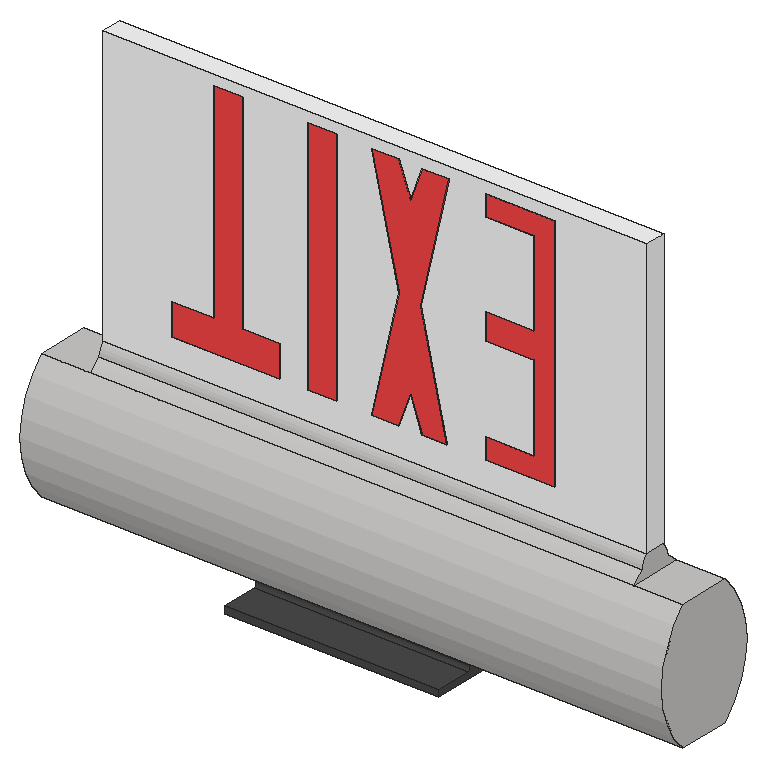
Revit family "CEL-Surface", category Lighting Fixtures, host Face, Revit 2021
Family settings
  Host = Face
  Round Connector Dimension = Use Diameter
  Part Type = Normal
  OmniClass Number = 23.80.70.11.21
  OmniClass Title = Emergency Lighting
  Cut with Voids When Loaded = No
  Light Source = No
  Shared = No
  Room Calculation Point = No
Parameters (values of type "CELS2RNE")
  zz Length 1 [instance] = if(Single Face, 0.200", 0.250")  # 0.250"
  Watts = 3.72 W
  Wattage Comments = "3.72 W"
  Wall Plate Material = Black
  Voltage [instance] = if(Is 120VAC, 120 V, 277 V)  # 120 V
  URL = "https://www.currentlighting.com/compass"
  Single Face [instance] = no
  Product Page URL = ""
  Product Documentation Link = ""
  Model = "CELS2RNE"
  Manufacturer = "Compass Products"  # constant formula
  Load Classification = Lighting
  Lens = Red Glass
  Lamp = "LED Lamp"  # constant formula
  Is 277VAC [instance] = not(Is 120VAC)  # no
  Is 120VAC [instance] = yes
  Holder Material = Steel
  Finish = White
  Double Face [instance] = not(Single Face)  # yes
  Description = "Surface Mount, Double Face, Red Letters, Brushed Aluminum with Battery"
  Default Elevation = 48.000"
  Apparent Load = Watts  # 3.72 VA
Types (4): name | zz Length 1 | Single Face | Model | Lens | Double Face | Description
  CELS1RNE | 0.200" | yes | "CELS1RNE" | Red Glass | no | "Surface Mount, Single Face, Red Letters, Brushed Aluminum with Battery"
  CELS1GNE | 0.200" | yes | "CELS1RNE" | Green Glass | no | "Surface Mount, Single Face, Green Letters, Brushed Aluminum with Battery"
  CELS2RNE | 0.250" | no | "CELS2RNE" | Red Glass | yes | "Surface Mount, Double Face, Red Letters, Brushed Aluminum with Battery"
  CELS2GNE | 0.250" | no | "CELS2GNE" | Green Glass | yes | "Surface Mount, Double Face, Green Letters, Brushed Aluminum with Battery"
Reference planes (in)
  plane 1 "Center (Front/Back)": y = 0
  plane 2: z = 0
  plane 3 "Center (Left/Right)": x = 0
  plane 4: y = -0.25
  plane 5: y = 0.25
  plane 6: x = -7.5
  plane 7: x = 7.5
  plane 8: y = 2
  plane 9: y = -2
  plane 10: y = 1.5
  plane 11: y = -1.5
  plane 12: x = -6.35
  plane 13: x = 6.35
  plane 14: y = -0.1
  plane 15: y = 0.1
  plane 16: z = 10.3
  plane 17: z = 2.8
  plane 18: z = 2.55
  plane 19: y = 0.25
  plane 20: y = 6.85
  plane 21: z = 4.04946
  plane 22: z = 0.3
  plane 23: x = -2.5
  plane 24: x = 2.5
Forms (in)
  Extrusion 1, solid, material "Steel" <- "Holder Material"
    sketch origin (0, 0, 10.3) x (0, 1, 0) y (0, 0, 1)
      loop
        arc (0.61573, -7.00054) -> (0.49921, -6.87836) -> (0.36573, -6.77499) r 1.12511
        arc (0.36573, -6.77499) -> (0.32806, -6.62444) -> (0.23461, -6.50054) r 0.38962
        line (0.23461, -6.50054) -> (-0.23461, -6.50054)
        arc (-0.23461, -6.50054) -> (-0.32806, -6.62444) -> (-0.36573, -6.77499) r 0.38962
        arc (-0.36573, -6.77499) -> (-0.49921, -6.87836) -> (-0.61573, -7.00054) r 1.12511
        line (-0.61573, -7.00054) -> (0.61573, -7.00054)
    from -6.35 to 6.35
  Extrusion 2, solid, material "Steel" <- "Holder Material"
    sketch origin (0, 0, 0) x (0, 1, 0) y (0, 0, 1)
      loop
        arc (0.61646, 0.30019) -> (1.23846, 1.79998) -> (0.61573, 3.29946) r 2.11792
        line (0.61573, 3.29946) -> (-0.61573, 3.29946)
        arc (-0.61573, 3.29946) -> (-1.23846, 1.79998) -> (-0.61646, 0.30019) r 2.11792
        line (-0.61646, 0.30019) -> (0.61646, 0.30019)
    from -7.5 to 7.5
  Extrusion 3, solid, material "Black" <- "Wall Plate Material"
    sketch origin (0, 0, 0) x (0, 1, 0) y (0, 0, 1)
      loop
        line (1.5, 0) -> (1.5, 0.15) -> (0.62401, 0.15)
        arc (0.62401, 0.15) -> (0.59893, 0.22378) -> (0.61424, 0.30019) r 0.15
        line (0.61424, 0.30019) -> (-0.61424, 0.30019)
        arc (-0.61424, 0.30019) -> (-0.59893, 0.22378) -> (-0.62401, 0.15) r 0.15
        line (-0.62401, 0.15) -> (-1.5, 0.15) -> (-1.5, 0) -> (1.5, 0)
    from -2.5 to 2.5
Lines and regions (in)
  reference lines
    curve 1: arc (0, -0.61573, 3.29946) -> (0, -1.23846, 1.79946) -> (0, -0.61573, 0.29946) r 2.11792
    curve 2: line (0, 0.61573, 3.29946) -> (0, -0.61573, 3.29946)
    curve 3: arc (0, 0.61573, 0.29946) -> (0, 1.23846, 1.79946) -> (0, 0.61573, 3.29946) r 2.11792
    curve 4: line (0, -0.61573, 0.29946) -> (0, 0.61573, 0.29946)
    curve 5: arc (0, 0.61573, 3.29946) -> (0, 0.49921, 3.42164) -> (0, 0.36573, 3.52501) r 1.12511
    curve 6: arc (0, 0.36573, 3.52501) -> (0, 0.32806, 3.67556) -> (0, 0.23461, 3.79946) r 0.38962
    curve 7: line (0, 0.23461, 3.79946) -> (0, -0.23461, 3.79946)
    curve 8: arc (0, -0.23461, 3.79946) -> (0, -0.32806, 3.67556) -> (0, -0.36573, 3.52501) r 0.38962
    curve 9: arc (0, -0.36573, 3.52501) -> (0, -0.49921, 3.42164) -> (0, -0.61573, 3.29946) r 1.12511
Dimensions and locks (in)
  plane 5 to plane 1 "Center (Front/Back)" = 0.250"
  equal spacing: plane 5, plane 1 "Center (Front/Back)", plane 4
  equal spacing: plane 6, plane 3 "Center (Left/Right)", plane 7
  plane 6 to plane 3 "Center (Left/Right)" = 7.500"
  equal spacing: plane 9, plane 1 "Center (Front/Back)", plane 8
  plane 1 "Center (Front/Back)" to plane 8 = 2.000"
  equal spacing: plane 11, plane 1 "Center (Front/Back)", plane 10
  plane 1 "Center (Front/Back)" to plane 10 = 1.500"
  plane 12 to plane 3 "Center (Left/Right)" = 6.350"
  equal spacing: plane 12, plane 3 "Center (Left/Right)", plane 13
  equal spacing: plane 15, plane 1 "Center (Front/Back)", plane 14
  plane 15 to plane 1 "Center (Front/Back)" = 0.100"
  "zz Length 1": plane 19 to plane 1 "Center (Front/Back)"
  plane 4 to plane 20 = 7.100"
  equal spacing: plane 23, plane 3 "Center (Left/Right)", plane 24
  plane 23 to plane 3 "Center (Left/Right)" = 2.500"
  aligned and locked: plane 2 to host face
  aligned and locked: level to host face
  aligned and locked: nested 1 to plane 1 "Center (Front/Back)"
  aligned and locked: nested 1 to plane 3 "Center (Left/Right)"
  aligned and locked: Extrusion 2 to plane 6
  aligned and locked: plane 7 to Extrusion 2
  aligned and locked: Extrusion 3 to plane 23
  aligned and locked: plane 24 to Extrusion 3
  aligned and locked: Extrusion 2 sketch curve to curve 3
  aligned and locked: Extrusion 2 sketch curve to curve 1
  aligned and locked: Extrusion 2 sketch curve to Extrusion 3
  aligned and locked: Extrusion 1 sketch curve to curve 5
  aligned and locked: Extrusion 1 sketch curve to curve 6
  aligned and locked: Extrusion 1 sketch curve to curve 7
  aligned and locked: Extrusion 1 sketch curve to curve 8
  aligned and locked: Extrusion 1 sketch curve to curve 9
  aligned and locked: Extrusion 1 sketch curve to curve 2
Automatic sketch dimensions
  host sketch curve to host sketch curve = 96.000"  (x2)
  Extrusion 3 sketch curve to level = 0.000"
  Extrusion 3 sketch curve to plane 11 = 0.000"
  Extrusion 3 sketch curve to plane 10 = 0.000"
  Extrusion 3 sketch curve to plane 22 = 0.06648"
  plane 4 to Extrusion 3 sketch curve = 0.49861"
  Extrusion 3 sketch curve to Extrusion 3 sketch curve = 0.1246"  (x2)
  Extrusion 3 sketch curve to Extrusion 3 sketch curve = 0.13437"
  plane 22 to Extrusion 3 sketch curve = 0.00019"
  Extrusion 3 sketch curve to plane 5 = 0.36424"
  Extrusion 3 sketch curve to Extrusion 3 sketch curve = 0.00977"
  level to Extrusion 3 sketch curve = 0.150"
  plane 4 to curve 1 = 0.36573"  (x2)
  curve 1 to plane 22 = 0.00054"
  curve 2 to plane 5 = 0.36573"
  plane 10 to curve 1 = 0.62054"
  curve 3 to plane 11 = 0.62054"
  curve 3 to plane 5 = 0.36573"
  curve 1 to curve 3 = 1.500"
  plane 4 to curve 5 = 0.00447"
  curve 5 to plane 5 = 0.11573"
  plane 18 to curve 5 = 0.03627"
  plane 1 "Center (Front/Back)" to curve 6 = 0.0235"
  plane 5 to curve 6 = 0.01539"
  curve 6 to curve 5 = 0.0174"
  curve 7 to plane 4 = 0.01539"
  plane 4 to curve 8 = 0.11573"
  curve 8 to plane 1 "Center (Front/Back)" = 0.0235"
  curve 6 to curve 8 = 0.000"
  curve 9 to plane 5 = 0.00447"
  plane 4 to Extrusion 2 sketch curve = 0.36573"
Nested families (in)
  nested 1: "Wall mount" at (0, 0, 3.79946) x (-1, 0, 0) z (0, 0, 1), Single Face <- "Single Face", type "CELS1RNE"
    with zz Length 1 0.250", Single Face no, Double Face yes
Connectors (in)
  electrical at (0, 0, 0), driven by "Voltage", driven by "Apparent Load"
    settings: on Extrusion 3, index 1, voltage 120 V, apparent load 3.72 VA, apparent load phase1 0 VA, apparent load phase2 0 VA, apparent load phase3 0 VA, power factor 1, load classification "Other", number of poles 1, system type 30, power factor state 1, is connector primary yes, connector utility no, sub classification motor no, connector description "Lighting Connector"
Definition of nested family "Wall mount"
  Parameters
    zz Length 1 [instance] = if(Single Face, 0.200", 0.250")  # 0.200"
    Watts = 3.72 W
    Wattage Comments = "3.72 W"
    Wattage = 1.57 W
    built-in parameter 1150110 = 1 (stored number, unit not read)
    Voltage = if(Is 120VAC, 120 V, 277 V)  # 120 V
    URL = "http://www.compasslightingproducts.com/"
    built-in parameter 1114217 = 1 (stored number, unit not read)
    Tilt Angle = 90.00°
    built-in parameter 1150109 = 1 (stored number, unit not read)
    built-in parameter 1150134 = 3
    built-in parameter 1150113 = 1 (stored number, unit not read)
    Single Face [instance] = yes
    Product Page URL = "http://www.compasslightingproducts.com/products/cel/"
    Product Documentation Link = "http://cdn.compasslightingproducts.com/content/products/specs/specs_files/0603534_cel_spec.pdf"
    Photometric Web File = "generic"
    built-in parameter 1150142 = (empty or 0)
    Model = "CELS1RNE"
    Manufacturer Phone = "864-678-1000"  # constant formula
    Manufacturer Fax = "866-898-0131"  # constant formula
    Manufacturer = "Compass Lighting"  # constant formula
    built-in parameter 1150105 = 18.558 (stored number, unit not read)
    Lumens = 233.211 lm
    built-in parameter 1150115 = 1 (stored number, unit not read)
    Load Classification = none
    built-in parameter 1150137 = (empty or 0)
    built-in parameter 1150139 = (empty or 0)
    Lens = none
    built-in parameter 1150112 = 1 (stored number, unit not read)
    built-in parameter 1150114 = 1 (stored number, unit not read)
    Lamp = "LED Lamp"  # constant formula
    Is 277VAC = not(Is 120VAC)  # no
    Is 120VAC = yes
    built-in parameter 1150132 = (empty or 0)
    built-in parameter 1150102 = (empty or 0)
    built-in parameter 1150107 = 3200 (stored number, unit not read)
    built-in parameter 1150138 = (empty or 0)
    built-in parameter 1150106 = 0.18558 (stored number, unit not read)
    Holder Material = none
    Finish = none
    Emit from Rectangle Width = 5.000"
    Emit from Rectangle Length = 10.000"
    Emit Shape Visible in Rendering = no
    built-in parameter 1150104 = 13.8 (stored number, unit not read)
    Double Face [instance] = not(Single Face)  # no
    Dimming Lamp Color Temperature Shift = (empty or 0)
    Description = "Surface Mount, Single Face, Red Letters, Brushed Aluminum with Battery"
    Default Elevation = 48.000"
    Color Filter = 16777215
    built-in parameter 1114218 = 1 (stored number, unit not read)
    built-in parameter 1150133 = 10 (stored number, unit not read)
    Apparent Load = Watts  # 3.72 VA
  Reference planes (in)
    plane 1 "Center (Front/Back)": y = 0
    plane 2: z = 0
    plane 3 "Center (Left/Right)": x = 0
    plane 4: y = -0.25
    plane 5: y = 0.25
    plane 6: x = -7.5
    plane 7: x = 7.5
    plane 8: y = 2
    plane 9: y = -2
    plane 10: y = 1.5
    plane 11: y = -1.5
    plane 12: x = -6.35
    plane 13: x = 6.35
    plane 14: y = -0.1
    plane 15: y = 0.1
    plane 16: z = 2.8
    plane 17: z = 6.5
    plane 18: y = 0.2
  Forms (in)
    Extrusion 1, solid
      sketch origin (0, 0, 0) x (1, 0, 0) y (0, 1, 0)
        loop
          line (-48, 48) -> (-48, -48) -> (48, -48) -> (48, 48) -> (-48, 48)
      from 0 to -12
    Extrusion 2, solid, material <- "Finish"
      sketch origin (0, -12.64936, -2.8) x (0, 1, 0) y (0, 0, 1)
        loop
          line (12.89936, 9.3) -> (12.39936, 9.3) -> (12.39936, 2.8) -> (12.89936, 2.8) -> (12.89936, 9.3)
      from -6.35 to 6.35
    Extrusion 3, void
      sketch origin (0, 0, -3.29946) x (1, 0, 0) y (0, 0, 1)
        loop
          line (-0.88561, 9.55148) -> (-1.55523, 9.55148) -> (-1.55523, 3.96255) -> (-0.88561, 3.96255) -> (-0.88561, 9.55148)
        loop
          line (-4.73439, 4.69408) -> (-4.73439, 3.96255) -> (-2.22261, 3.96255) -> (-2.22261, 4.69408) -> (-3.09492, 4.69408) -> (-3.09492, 9.55148) -> (-3.76455, 9.55148) -> (-3.76455, 4.69408) -> (-4.73439, 4.69408)
        loop
          line (-0.07662, 9.53492) -> (0.56662, 6.74874) -> (-0.07662, 3.96255) -> (0.55395, 3.96255) -> (0.83113, 4.72409) -> (1.10831, 3.96255) -> (1.68873, 3.96255) -> (1.07056, 6.64012) -> (1.73888, 9.53492) -> (1.10831, 9.53492) -> (0.83113, 8.77338) -> (0.55395, 9.53492) -> (-0.07662, 9.53492)
        loop
          line (4.21069, 9.53598) -> (2.59211, 9.53598) -> (2.59211, 9.05484) -> (3.72955, 9.05484) -> (3.72955, 7.05145) -> (2.59211, 7.05145) -> (2.59211, 6.74874) -> (2.59211, 6.44603) -> (3.72955, 6.44603) -> (3.72955, 4.44264) -> (2.59211, 4.44264) -> (2.59211, 3.9615) -> (4.21069, 3.9615) -> (4.21069, 6.74874) -> (4.21069, 9.53598)
      from 0.1 to 0.25
    Extrusion 4, void
      sketch origin (0, 0, -3.29946) x (-1, 0, 0) y (0, 0, 1)
        loop
          line (-0.88561, 9.55148) -> (-1.55523, 9.55148) -> (-1.55523, 3.96255) -> (-0.88561, 3.96255) -> (-0.88561, 9.55148)
        loop
          line (-4.73439, 4.69408) -> (-4.73439, 3.96255) -> (-2.22261, 3.96255) -> (-2.22261, 4.69408) -> (-3.09492, 4.69408) -> (-3.09492, 9.55148) -> (-3.76455, 9.55148) -> (-3.76455, 4.69408) -> (-4.73439, 4.69408)
        loop
          line (-0.07662, 9.53492) -> (0.56662, 6.74874) -> (-0.07662, 3.96255) -> (0.55395, 3.96255) -> (0.83113, 4.72409) -> (1.10831, 3.96255) -> (1.68873, 3.96255) -> (1.07056, 6.64012) -> (1.73888, 9.53492) -> (1.10831, 9.53492) -> (0.83113, 8.77338) -> (0.55395, 9.53492) -> (-0.07662, 9.53492)
        loop
          line (4.21069, 9.53598) -> (2.59211, 9.53598) -> (2.59211, 9.05484) -> (3.72955, 9.05484) -> (3.72955, 7.05145) -> (2.59211, 7.05145) -> (2.59211, 6.74874) -> (2.59211, 6.44603) -> (3.72955, 6.44603) -> (3.72955, 4.44264) -> (2.59211, 4.44264) -> (2.59211, 3.9615) -> (4.21069, 3.9615) -> (4.21069, 6.74874) -> (4.21069, 9.53598)
      from 0.1 to 0.2
    Extrusion 5, solid, material <- "Lens"
      sketch origin (0, 0, -3.29946) x (1, 0, 0) y (0, 0, 1)
        loop
          line (-0.88561, 9.55148) -> (-1.55523, 9.55148) -> (-1.55523, 3.96255) -> (-0.88561, 3.96255) -> (-0.88561, 9.55148)
        loop
          line (-4.73439, 4.69408) -> (-4.73439, 3.96255) -> (-2.22261, 3.96255) -> (-2.22261, 4.69408) -> (-3.09492, 4.69408) -> (-3.09492, 9.55148) -> (-3.76455, 9.55148) -> (-3.76455, 4.69408) -> (-4.73439, 4.69408)
        loop
          line (-0.07662, 9.53492) -> (0.56662, 6.74874) -> (-0.07662, 3.96255) -> (0.55395, 3.96255) -> (0.83113, 4.72409) -> (1.10831, 3.96255) -> (1.68873, 3.96255) -> (1.07056, 6.64012) -> (1.73888, 9.53492) -> (1.10831, 9.53492) -> (0.83113, 8.77338) -> (0.55395, 9.53492) -> (-0.07662, 9.53492)
        loop
          line (4.21069, 9.53598) -> (2.59211, 9.53598) -> (2.59211, 9.05484) -> (3.72955, 9.05484) -> (3.72955, 7.05145) -> (2.59211, 7.05145) -> (2.59211, 6.74874) -> (2.59211, 6.44603) -> (3.72955, 6.44603) -> (3.72955, 4.44264) -> (2.59211, 4.44264) -> (2.59211, 3.9615) -> (4.21069, 3.9615) -> (4.21069, 6.74874) -> (4.21069, 9.53598)
      from 0.1 to 0.25
    Extrusion 6, solid, material <- "Lens", visible <- "Double Face"
      sketch origin (0, 0, -3.29946) x (-1, 0, 0) y (0, 0, 1)
        loop
          line (-0.88561, 9.55148) -> (-1.55523, 9.55148) -> (-1.55523, 3.96255) -> (-0.88561, 3.96255) -> (-0.88561, 9.55148)
        loop
          line (-4.73439, 4.69408) -> (-4.73439, 3.96255) -> (-2.22261, 3.96255) -> (-2.22261, 4.69408) -> (-3.09492, 4.69408) -> (-3.09492, 9.55148) -> (-3.76455, 9.55148) -> (-3.76455, 4.69408) -> (-4.73439, 4.69408)
        loop
          line (-0.07662, 9.53492) -> (0.56662, 6.74874) -> (-0.07662, 3.96255) -> (0.55395, 3.96255) -> (0.83113, 4.72409) -> (1.10831, 3.96255) -> (1.68873, 3.96255) -> (1.07056, 6.64012) -> (1.73888, 9.53492) -> (1.10831, 9.53492) -> (0.83113, 8.77338) -> (0.55395, 9.53492) -> (-0.07662, 9.53492)
        loop
          line (4.21069, 9.53598) -> (2.59211, 9.53598) -> (2.59211, 9.05484) -> (3.72955, 9.05484) -> (3.72955, 7.05145) -> (2.59211, 7.05145) -> (2.59211, 6.74874) -> (2.59211, 6.44603) -> (3.72955, 6.44603) -> (3.72955, 4.44264) -> (2.59211, 4.44264) -> (2.59211, 3.9615) -> (4.21069, 3.9615) -> (4.21069, 6.74874) -> (4.21069, 9.53598)
      from 0.1 to 0.25
  Cuts and joins
    Extrusion 3, Extrusion 4 cuts Extrusion 2
  Lines and regions (in)
    reference lines
      curve 1: arc (0, 0.4, 0.25774) -> (0, 0.01219, 0.78053) -> (0, 0.625, 1) r 0.40523
      curve 2: arc (0, 0.28353, 1) -> (0, -0.39345, 0.45316) -> (0, -1.24147, 0.25774) r 1.93772
    model lines
      curve 3: line (-4.73019, -0.25, 3.66752) -> (-5.54934, -0.25, 3.09395)
      curve 4: line (-4.73019, -0.25, 2.52037) -> (-5.54934, -0.25, 3.09395)
      curve 5: line (-4.5868, -0.25, 3.46273) -> (-5.11348, -0.25, 3.09395)
      curve 6: line (-4.5868, -0.25, 2.72516) -> (-5.11348, -0.25, 3.09395)
      curve 7: line (-4.73019, -0.25, 2.52037) -> (-4.5868, -0.25, 2.72516)
      curve 8: line (-4.5868, -0.25, 3.46273) -> (-4.73019, -0.25, 3.66752)
      curve 9: line (4.73019, -0.25, 3.66752) -> (5.54934, -0.25, 3.09395)
      curve 10: line (4.73019, -0.25, 2.52037) -> (5.54934, -0.25, 3.09395)
      curve 11: line (4.5868, -0.25, 3.46273) -> (5.11348, -0.25, 3.09395)
      curve 12: line (4.5868, -0.25, 2.72516) -> (5.11348, -0.25, 3.09395)
      curve 13: line (4.73019, -0.25, 2.52037) -> (4.5868, -0.25, 2.72516)
      curve 14: line (4.5868, -0.25, 3.46273) -> (4.73019, -0.25, 3.66752)
    model lines, visible <- "Double Face"
      curve 15: line (4.73019, 0.25, 4.66752) -> (5.54934, 0.25, 4.09395)
      curve 16: line (4.73019, 0.25, 3.52037) -> (5.54934, 0.25, 4.09395)
      curve 17: line (4.5868, 0.25, 4.46273) -> (5.11348, 0.25, 4.09395)
      curve 18: line (4.5868, 0.25, 3.72516) -> (5.11348, 0.25, 4.09395)
      curve 19: line (4.73019, 0.25, 3.52037) -> (4.5868, 0.25, 3.72516)
      curve 20: line (4.5868, 0.25, 4.46273) -> (4.73019, 0.25, 4.66752)
      curve 21: line (-4.73019, 0.25, 4.66752) -> (-5.54934, 0.25, 4.09395)
      curve 22: line (-4.73019, 0.25, 3.52037) -> (-5.54934, 0.25, 4.09395)
      curve 23: line (-4.5868, 0.25, 4.46273) -> (-5.11348, 0.25, 4.09395)
      curve 24: line (-4.5868, 0.25, 3.72516) -> (-5.11348, 0.25, 4.09395)
      curve 25: line (-4.73019, 0.25, 3.52037) -> (-4.5868, 0.25, 3.72516)
      curve 26: line (-4.5868, 0.25, 4.46273) -> (-4.73019, 0.25, 4.66752)
  Dimensions and locks (in)
    plane 5 to plane 1 "Center (Front/Back)" = 0.250"
    equal spacing: plane 5, plane 1 "Center (Front/Back)", plane 4
    equal spacing: plane 6, plane 3 "Center (Left/Right)", plane 7
    plane 6 to plane 3 "Center (Left/Right)" = 7.500"
    equal spacing: plane 9, plane 1 "Center (Front/Back)", plane 8
    plane 1 "Center (Front/Back)" to plane 8 = 2.000"
    equal spacing: plane 11, plane 1 "Center (Front/Back)", plane 10
    plane 1 "Center (Front/Back)" to plane 10 = 1.500"
    plane 12 to plane 3 "Center (Left/Right)" = 6.350"
    equal spacing: plane 12, plane 3 "Center (Left/Right)", plane 13
    equal spacing: plane 15, plane 1 "Center (Front/Back)", plane 14
    plane 15 to plane 1 "Center (Front/Back)" = 0.100"
    "zz Length 1": plane 18 to plane 1 "Center (Front/Back)"
    plane 17 to level = 6.500"
    aligned and locked: plane 2 to Extrusion 1
    aligned and locked: level to Extrusion 1
    aligned and locked: plane 1 "Center (Front/Back)" to imposter light
    aligned and locked: plane 3 "Center (Left/Right)" to imposter light
    aligned and locked: Extrusion 2 sketch curve to plane 5
    aligned and locked: plane 4 to Extrusion 2 sketch curve
    aligned and locked: Extrusion 3 to plane 14
    aligned and locked: plane 4 to Extrusion 3
    aligned and locked: plane 4 to Extrusion 5
    aligned and locked: Extrusion 5 to plane 14
    aligned and locked: Extrusion 4 to plane 18
    aligned and locked: plane 17 to Extrusion 2
  Automatic sketch dimensions
    Extrusion 1 sketch curve to Extrusion 1 sketch curve = 96.000"  (x2)
    curve 2 to plane 11 = 0.25853"
    curve 2 to plane 5 = 0.03353"
    curve 1 to plane 5 = 0.150"
    curve 2 to curve 1 = 0.34147"
    level to curve 1 = 0.25774"
    level to curve 2 = 0.25774"
    curve 1 to curve 1 = 0.40523"
    curve 2 to curve 1 = 0.000"
    Extrusion 2 sketch curve to plane 16 = 2.800"
    plane 12 to Extrusion 3 sketch curve = 1.61561"
    plane 12 to Extrusion 3 sketch curve = 2.58545"
    Extrusion 3 sketch curve to Extrusion 3 sketch curve = 0.66962"  (x2)
    Extrusion 3 sketch curve to Extrusion 3 sketch curve = 0.87231"
    Extrusion 3 sketch curve to Extrusion 3 sketch curve = 1.53969"
    Extrusion 3 sketch curve to plane 3 "Center (Left/Right)" = 0.07662"  (x2)
    plane 3 "Center (Left/Right)" to Extrusion 3 sketch curve = 0.55395"  (x2)
    plane 3 "Center (Left/Right)" to Extrusion 3 sketch curve = 0.56662"
    Extrusion 3 sketch curve to Extrusion 3 sketch curve = 0.27718"  (x2)
    Extrusion 3 sketch curve to Extrusion 3 sketch curve = 0.50394"
    Extrusion 3 sketch curve to Extrusion 3 sketch curve = 0.55436"  (x2)
    Extrusion 3 sketch curve to Extrusion 3 sketch curve = 0.58042"
    Extrusion 3 sketch curve to Extrusion 3 sketch curve = 0.63057"
    Extrusion 3 sketch curve to Extrusion 3 sketch curve = 0.90338"
    Extrusion 3 sketch curve to Extrusion 3 sketch curve = 0.85323"
    Extrusion 3 sketch curve to Extrusion 3 sketch curve = 1.52154"
    Extrusion 3 sketch curve to Extrusion 3 sketch curve = 1.13744"
    Extrusion 3 sketch curve to Extrusion 3 sketch curve = 0.000"  (x4)
    Extrusion 3 sketch curve to Extrusion 3 sketch curve = 0.48114"  (x3)
    Extrusion 3 sketch curve to Extrusion 3 sketch curve = 0.48009"  (x2)
    Extrusion 3 sketch curve to Extrusion 3 sketch curve = 0.76154"
    Extrusion 3 sketch curve to Extrusion 3 sketch curve = 2.00339"
    Extrusion 3 sketch curve to Extrusion 3 sketch curve = 0.30271"  (x3)
    Extrusion 3 sketch curve to Extrusion 3 sketch curve = 2.02465"
    Extrusion 3 sketch curve to Extrusion 3 sketch curve = 0.10862"
    Extrusion 3 sketch curve to plane 16 = 1.37536"
    Extrusion 3 sketch curve to plane 16 = 1.40538"
    Extrusion 3 sketch curve to plane 16 = 1.65682"
    Extrusion 3 sketch curve to plane 16 = 2.1369"
    Extrusion 3 sketch curve to Extrusion 3 sketch curve = 0.73153"
    Extrusion 4 sketch curve to plane 13 = 1.61561"
    Extrusion 4 sketch curve to plane 13 = 2.58545"
    Extrusion 4 sketch curve to Extrusion 4 sketch curve = 0.66962"  (x2)
    Extrusion 4 sketch curve to Extrusion 4 sketch curve = 0.87231"
    Extrusion 4 sketch curve to Extrusion 4 sketch curve = 1.53969"
    plane 3 "Center (Left/Right)" to Extrusion 4 sketch curve = 0.07662"  (x2)
    Extrusion 4 sketch curve to plane 3 "Center (Left/Right)" = 0.55395"  (x2)
    Extrusion 4 sketch curve to plane 3 "Center (Left/Right)" = 0.56662"
    Extrusion 4 sketch curve to Extrusion 4 sketch curve = 0.27718"  (x2)
    Extrusion 4 sketch curve to Extrusion 4 sketch curve = 0.50394"
    Extrusion 4 sketch curve to Extrusion 4 sketch curve = 0.55436"  (x2)
    Extrusion 4 sketch curve to Extrusion 4 sketch curve = 0.58042"
    Extrusion 4 sketch curve to Extrusion 4 sketch curve = 0.63057"
    Extrusion 4 sketch curve to Extrusion 4 sketch curve = 0.90338"
    Extrusion 4 sketch curve to Extrusion 4 sketch curve = 0.85323"
    Extrusion 4 sketch curve to Extrusion 4 sketch curve = 1.52154"
    Extrusion 4 sketch curve to Extrusion 4 sketch curve = 1.13744"
    Extrusion 4 sketch curve to Extrusion 4 sketch curve = 0.000"  (x4)
    Extrusion 4 sketch curve to Extrusion 4 sketch curve = 0.48114"  (x3)
    Extrusion 4 sketch curve to Extrusion 4 sketch curve = 0.48009"  (x2)
    Extrusion 4 sketch curve to Extrusion 4 sketch curve = 0.76154"
    Extrusion 4 sketch curve to Extrusion 4 sketch curve = 2.00339"
    Extrusion 4 sketch curve to Extrusion 4 sketch curve = 0.30271"  (x3)
    Extrusion 4 sketch curve to Extrusion 4 sketch curve = 2.02465"
    Extrusion 4 sketch curve to Extrusion 4 sketch curve = 0.10862"
    Extrusion 4 sketch curve to plane 16 = 1.37536"
    Extrusion 4 sketch curve to plane 16 = 1.40538"
    Extrusion 4 sketch curve to plane 16 = 1.65682"
    Extrusion 4 sketch curve to plane 16 = 2.1369"
    Extrusion 4 sketch curve to Extrusion 4 sketch curve = 0.73153"
    plane 12 to Extrusion 5 sketch curve = 1.61561"
    plane 12 to Extrusion 5 sketch curve = 2.58545"
    Extrusion 5 sketch curve to Extrusion 5 sketch curve = 0.66962"  (x2)
    Extrusion 5 sketch curve to Extrusion 5 sketch curve = 0.87231"
    Extrusion 5 sketch curve to Extrusion 5 sketch curve = 1.53969"
    Extrusion 5 sketch curve to plane 3 "Center (Left/Right)" = 0.07662"  (x2)
    plane 3 "Center (Left/Right)" to Extrusion 5 sketch curve = 0.55395"  (x2)
    plane 3 "Center (Left/Right)" to Extrusion 5 sketch curve = 0.56662"
    Extrusion 5 sketch curve to Extrusion 5 sketch curve = 0.27718"  (x2)
    Extrusion 5 sketch curve to Extrusion 5 sketch curve = 0.50394"
    Extrusion 5 sketch curve to Extrusion 5 sketch curve = 0.55436"  (x2)
    Extrusion 5 sketch curve to Extrusion 5 sketch curve = 0.58042"
    Extrusion 5 sketch curve to Extrusion 5 sketch curve = 0.63057"
    Extrusion 5 sketch curve to Extrusion 5 sketch curve = 0.90338"
    Extrusion 5 sketch curve to Extrusion 5 sketch curve = 0.85323"
    Extrusion 5 sketch curve to Extrusion 5 sketch curve = 1.52154"
    Extrusion 5 sketch curve to Extrusion 5 sketch curve = 1.13744"
    Extrusion 5 sketch curve to Extrusion 5 sketch curve = 0.000"  (x4)
    Extrusion 5 sketch curve to Extrusion 5 sketch curve = 0.48114"  (x3)
    Extrusion 5 sketch curve to Extrusion 5 sketch curve = 0.48009"  (x2)
    Extrusion 5 sketch curve to Extrusion 5 sketch curve = 0.76154"
    Extrusion 5 sketch curve to Extrusion 5 sketch curve = 2.00339"
    Extrusion 5 sketch curve to Extrusion 5 sketch curve = 0.30271"  (x3)
    Extrusion 5 sketch curve to Extrusion 5 sketch curve = 2.02465"
    Extrusion 5 sketch curve to Extrusion 5 sketch curve = 0.10862"
    Extrusion 5 sketch curve to plane 16 = 1.37536"
    Extrusion 5 sketch curve to plane 16 = 1.40538"
    Extrusion 5 sketch curve to plane 16 = 1.65682"
    Extrusion 5 sketch curve to plane 16 = 2.1369"
    Extrusion 5 sketch curve to Extrusion 5 sketch curve = 0.73153"
    Extrusion 6 sketch curve to plane 13 = 1.61561"
    Extrusion 6 sketch curve to plane 13 = 2.58545"
    Extrusion 6 sketch curve to Extrusion 6 sketch curve = 0.66962"  (x2)
    Extrusion 6 sketch curve to Extrusion 6 sketch curve = 0.87231"
    Extrusion 6 sketch curve to Extrusion 6 sketch curve = 1.53969"
    plane 3 "Center (Left/Right)" to Extrusion 6 sketch curve = 0.07662"  (x2)
    Extrusion 6 sketch curve to plane 3 "Center (Left/Right)" = 0.55395"  (x2)
    Extrusion 6 sketch curve to plane 3 "Center (Left/Right)" = 0.56662"
    Extrusion 6 sketch curve to Extrusion 6 sketch curve = 0.27718"  (x2)
    Extrusion 6 sketch curve to Extrusion 6 sketch curve = 0.50394"
    Extrusion 6 sketch curve to Extrusion 6 sketch curve = 0.55436"  (x2)
    Extrusion 6 sketch curve to Extrusion 6 sketch curve = 0.58042"
    Extrusion 6 sketch curve to Extrusion 6 sketch curve = 0.63057"
    Extrusion 6 sketch curve to Extrusion 6 sketch curve = 0.90338"
    Extrusion 6 sketch curve to Extrusion 6 sketch curve = 0.85323"
    Extrusion 6 sketch curve to Extrusion 6 sketch curve = 1.52154"
    Extrusion 6 sketch curve to Extrusion 6 sketch curve = 1.13744"
    Extrusion 6 sketch curve to Extrusion 6 sketch curve = 0.000"  (x4)
    Extrusion 6 sketch curve to Extrusion 6 sketch curve = 0.48114"  (x3)
    Extrusion 6 sketch curve to Extrusion 6 sketch curve = 0.48009"  (x2)
    Extrusion 6 sketch curve to Extrusion 6 sketch curve = 0.76154"
    Extrusion 6 sketch curve to Extrusion 6 sketch curve = 2.00339"
    Extrusion 6 sketch curve to Extrusion 6 sketch curve = 0.30271"  (x3)
    Extrusion 6 sketch curve to Extrusion 6 sketch curve = 2.02465"
    Extrusion 6 sketch curve to Extrusion 6 sketch curve = 0.10862"
    Extrusion 6 sketch curve to plane 16 = 1.37536"
    Extrusion 6 sketch curve to plane 16 = 1.40538"
    Extrusion 6 sketch curve to plane 16 = 1.65682"
    Extrusion 6 sketch curve to plane 16 = 2.1369"
    Extrusion 6 sketch curve to Extrusion 6 sketch curve = 0.73153"
    curve 3 to Extrusion 2 = 2.83248"
    curve 9 to Extrusion 2 = 2.83248"
    Extrusion 2 to curve 5 = 1.7632"
    curve 3 to curve 5 = 0.20479"
    Extrusion 2 to curve 14 = 1.7632"
    curve 9 to curve 14 = 0.20479"
    Extrusion 2 to curve 11 = 1.23652"
    curve 11 to curve 11 = 0.36879"
    Extrusion 2 to curve 5 = 1.23652"
    curve 5 to curve 5 = 0.36879"
    Extrusion 2 to curve 3 = 0.80066"
    Extrusion 2 to curve 9 = 0.80066"
    Extrusion 2 to curve 7 = 1.7632"
    curve 5 to curve 7 = 0.36879"
    Extrusion 2 to curve 12 = 1.7632"
    curve 11 to curve 12 = 0.36879"
    Extrusion 2 to curve 25 = 1.61981"
    Extrusion 2 to curve 25 = 3.52037"
    Extrusion 2 to curve 16 = 1.61981"
    Extrusion 2 to curve 16 = 3.52037"
    Extrusion 2 to curve 24 = 1.7632"
    curve 22 to curve 24 = 0.20479"
    Extrusion 2 to curve 19 = 1.7632"
    curve 16 to curve 19 = 0.20479"
    Extrusion 2 to curve 16 = 0.80066"
    Extrusion 2 to curve 24 = 1.23652"
    Extrusion 2 to curve 21 = 0.80066"
    Extrusion 2 to curve 18 = 1.23652"
    Extrusion 2 to curve 26 = 1.7632"
    curve 23 to curve 26 = 0.36879"
    Extrusion 2 to curve 17 = 1.7632"
    curve 17 to curve 17 = 0.36879"
    plane 16 to Extrusion 2 sketch curve = 3.700"
    plane 16 to Extrusion 3 sketch curve = 0.34657"
    plane 16 to Extrusion 3 sketch curve = 3.45202"
    Extrusion 3 sketch curve to Extrusion 3 sketch curve = 0.01655"
    plane 16 to Extrusion 4 sketch curve = 0.34657"
    plane 16 to Extrusion 4 sketch curve = 3.45202"
    Extrusion 4 sketch curve to Extrusion 4 sketch curve = 0.01655"
    plane 16 to Extrusion 5 sketch curve = 0.34657"
    plane 16 to Extrusion 5 sketch curve = 3.45202"
    Extrusion 5 sketch curve to Extrusion 5 sketch curve = 0.01655"
    plane 16 to Extrusion 6 sketch curve = 0.34657"
    plane 16 to Extrusion 6 sketch curve = 3.45202"
    Extrusion 6 sketch curve to Extrusion 6 sketch curve = 0.01655"
